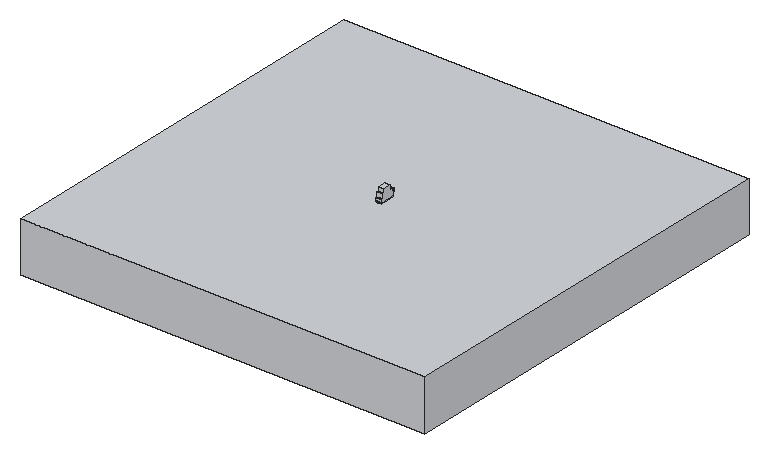
Revit family "Gira_5500000", category Elektroinstallationen, Revit 2017
Family settings
  Basisbauteil = Fläche
  Beschriftungsausrichtung beibehalten = Nein
  Bemaßung runder Anschluss = Durchmesser verwenden
  Teiletyp = Normal
  Beim Laden mit Abzugskörper schneiden = Nein
  Gemeinsam genutzt = Nein
  Raumberechnungspunkt = Nein
Parameters (values of type "TKS-IP-Datenschnittst. Türko")
  Default Elevation = 1219.2 mm
  Vor Ort-/Handbedienung = no
  URL = "https://www.gira.de/"
  Typname = "TKS-IP-Datenschnittst. Türko"
  Type Comments = ""
  Stromart = ""
  Schutzart (IP) = ""
  Produktseite = "https://media.stage.bim.site/t/eyJhbGciOiJIUzI1NiIsInR5cCI6IkpXVCJ9.eyJjdCI6MiwidHUiOiJodHRwOi8va2F0YWxvZy5naXJhLmRlL2RlX0RFL2RhdGVuYmxhdHQuaHRtbD9hcnRpa2VsbnI9NTUwMDAwMCIsImNpZCI6IjMyNzdjYzIzLTgxYTktNGVlMy1hOTBhLWI0N2JiNGMwYjYxNiIsInJpZCI6IjI1OGVlNGI0Mzc0MjgzZWU4ODNjMjY3MzhhZjNkYmIwIiwicGlkIjoiMjViMzFhNjBiMDhiMzVjNjFkNTAzYWZiYzZiYjI0ZTU4OGJjNjE2MyIsInNpZCI6IjYzNDcwIiwidXQiOjEsImxjIjoiZGUiLCJpYXQiOjE2MDA5MzkzNzcsImlzcyI6Imh0dHBzOi8vYXBpLmxpdmUuYmltLnNpdGUiLCJzdWIiOiJhZG1pbkBiaW1zaXRlLmRldiJ9.x-IJCete_HlsfOcJnkySshn5zpi5BzK-gzeQwotNEwU"
  Montageart = "DIN-Schiene"
  Model = ""
  Mit LED-Anzeige = no
  Mit Busankopplung = no
  Max. Schaltleistung [Voltampere] = 0
  Max. Anzahl der Jalousieausgänge = 0
  Kosten = 0
  Installationstechnik = "2-Draht"
  Hersteller = "Gira"
  HeinzeBIM = "https://www.heinze.de/bim/tks-ip-datenschnittst-tuerko/25b31a60b08b35c61d503afbc6bb24e588bc6163"
  HAN = "5500000"
  GTIN = "4010337052685"
  Funktion Schalten = no
  Funktion = "steuern/regeln"
  Datenblatt 1 = "https://media.stage.bim.site/t/eyJhbGciOiJIUzI1NiIsInR5cCI6IkpXVCJ9.eyJjdCI6MSwidGYiOiJwdWJsaWMvZ2lyYS9hZThjNTU3LzU1MDAwMDAudHh0IiwiY2lkIjoiMzI3N2NjMjMtODFhOS00ZWUzLWE5MGEtYjQ3YmI0YzBiNjE2IiwicmlkIjoiMjU4ZWU0YjQzNzQyODNlZTg4M2MyNjczOGFmM2RiYjAiLCJwaWQiOiIyNWIzMWE2MGIwOGIzNWM2MWQ1MDNhZmJjNmJiMjRlNTg4YmM2MTYzIiwic2lkIjoiNjM0NzAiLCJ1dCI6MSwibGMiOiJkZSIsImlhdCI6MTYwMDkzOTM3NywiaXNzIjoiaHR0cHM6Ly9hcGkubGl2ZS5iaW0uc2l0ZSIsInN1YiI6ImFkbWluQGJpbXNpdGUuZGV2In0.oBE5slPtctE_4SGvuGNXLpkS2bKVJSBsgRba7MSd8-k/5500000.txt"
  Datenblatt = "https://media.stage.bim.site/t/eyJhbGciOiJIUzI1NiIsInR5cCI6IkpXVCJ9.eyJjdCI6MSwidHUiOiJodHRwczovL2thdGFsb2cuZ2lyYS5kZS9kZV9ERS9kb3dubG9hZC5odG1sP2FydGlrZWxucj01NTAwMDAwIiwiY2lkIjoiMzI3N2NjMjMtODFhOS00ZWUzLWE5MGEtYjQ3YmI0YzBiNjE2IiwicmlkIjoiMjU4ZWU0YjQzNzQyODNlZTg4M2MyNjczOGFmM2RiYjAiLCJwaWQiOiIyNWIzMWE2MGIwOGIzNWM2MWQ1MDNhZmJjNmJiMjRlNTg4YmM2MTYzIiwic2lkIjoiNjM0NzAiLCJ1dCI6MSwibGMiOiJkZSIsImlhdCI6MTYwMDkzOTM3NywiaXNzIjoiaHR0cHM6Ly9hcGkubGl2ZS5iaW0uc2l0ZSIsInN1YiI6ImFkbWluQGJpbXNpdGUuZGV2In0.RwlbDGN1l1qhxas1j3HrpXTJAd6QT2oktVzHyUSIfG0"
  Bussystem Powernet = no
  Bussystem LON = no
  Bussystem KNX-Funk = no
  Bussystem KNX = no
  Bussystem Funkbus = no
  Breite in Teilungseinheiten = 2
  Beschreibung = "TKS-IP-Datenschnittstelle   Merkmale:  Die Datenschnittstelle dient dazu, die derzeitige Pushbutton-Inbetriebnahme um eine komfortable Inbetriebnahme mittels PC Laptop zu erweitern und den 2-Draht-Bus an IP anzubinden.  Projektierung über Gira Projekt Assistent (GPA).  Inbetriebnahme großer Projekte.  Auslesen der Projektierungsdaten von Bestandsanlagen.  Anbindung Gira 2-Draht-Bus an IP.  Nur für den Gebrauch im Innenbereich geeignet."
  Assembly Code = ""
  Keynote = ""
  BIMSITE_PRODUCT_ID = "25b31a60b08b35c61d503afbc6bb24e588bc6163"
  BIM = "https://media.stage.bim.site/t/eyJhbGciOiJIUzI1NiIsInR5cCI6IkpXVCJ9.eyJjdCI6MSwidGYiOiJwdWJsaWMvZ2lyYS9hZThjNTU3L0dpcmEgWDEgUkVHIEtOWC5yZmEiLCJjaWQiOiIzMjc3Y2MyMy04MWE5LTRlZTMtYTkwYS1iNDdiYjRjMGI2MTYiLCJyaWQiOiIyNThlZTRiNDM3NDI4M2VlODgzYzI2NzM4YWYzZGJiMCIsInBpZCI6IjI1YjMxYTYwYjA4YjM1YzYxZDUwM2FmYmM2YmIyNGU1ODhiYzYxNjMiLCJzaWQiOiI2MzQ3MCIsInV0Ijo1LCJsYyI6ImRlIiwiaWF0IjoxNjAwOTM5Mzc3LCJpc3MiOiJodHRwczovL2FwaS5saXZlLmJpbS5zaXRlIiwic3ViIjoiYWRtaW5AYmltc2l0ZS5kZXYifQ.v-SKbXGbjpmgSTrgF2ztYiu413wgm5yx7vdRO0bRJQQ/Gira X1 REG KNX.rfa"
  Anzahl der Eingänge = 0
  Andere Bussysteme = ""
Reference planes
  plane 1 "Center (Front/Back)": y = 0
  plane 2: z = 0
  plane 3 "Center (Left/Right)": x = 0
Forms (mm)
  Extrusion 1, solid
    sketch origin (0, 0, 0) x (1, 0, 0) y (0, 1, 0)
      loop
        line (-1219.2, 1219.2) -> (-1219.2, -1219.2) -> (1219.2, -1219.2) -> (1219.2, 1219.2) -> (-1219.2, 1219.2)
    from 0 to -304.8
  Extrusion 2, solid, detail levels fine
    sketch origin (0, -0.2, 0) x (0, 1, 0) y (0, 0, 1)
      loop
        line (22.65, 43.82) -> (22.65, 68.77) -> (-22.25, 68.77) -> (-22.25, 43.82) -> (-30.4, 43.82) -> (-30.4, 19.42) -> (-44.8, 19.42) -> (-44.8, 1.97) -> (45.192, 1.97) -> (45.192, 28.47) -> (32.925, 28.47) -> (32.831, 39.259) -> (31.225, 41.242) -> (31.225, 43.82) -> (22.65, 43.82)
    from -17.95 to 17.95
  Extrusion 3, solid, detail levels fine
    sketch origin (0, -0.2, 0) x (0, 1, 0) y (0, 0, 1)
      loop
        line (45.192, 43.82) -> (31.225, 43.82) -> (31.225, 41.242) -> (32.831, 39.259) -> (32.925, 28.47) -> (45.192, 28.47) -> (45.192, 43.82)
    from -17.95 to -15.8
  Extrusion 4, solid, detail levels fine
    sketch origin (0, -0.2, 0) x (0, 1, 0) y (0, 0, -1)
      loop
        line (45.192, -43.82) -> (45.192, -28.47) -> (32.925, -28.47) -> (32.831, -39.259) -> (31.225, -41.242) -> (31.225, -43.82) -> (45.192, -43.82)
    from -17.95 to -15.8
  Extrusion 5, solid, detail levels fine
    sketch origin (0, -0.2, 0) x (0, 1, 0) y (0, 0, 1)
      loop
        line (31.5, 42.848) -> (31.5, 40.412)
        arc (31.5, 40.412) -> (38.359, 39.512) -> (45.192, 38.435) r 267
        line (45.192, 38.435) -> (45.192, 14.255)
        arc (45.192, 14.255) -> (50.205, 15.189) -> (55.2, 16.219) r 264.9
        line (55.2, 16.219) -> (55.2, 38.933)
        arc (55.2, 38.933) -> (43.394, 41.159) -> (31.5, 42.848) r 265
    from -15.506 to 15.5
  Extrusion 6, solid, detail levels fine
    sketch origin (0, -0.2, 0) x (0, 1, 0) y (0, 0, 1)
      loop
        line (45.2, 1.5) -> (17.774, 1.5) -> (17.905, -6.017)
        arc (17.905, -6.017) -> (20.285, -6.454) -> (22.7, -6.6) r 20
        arc (22.7, -6.6) -> (33.985, -5.009) -> (45.128, -2.618) r 160
        line (45.128, -2.618) -> (45.2, 1.5)
    from -17.95 to 18
  Extrusion 7, solid, detail levels fine
    sketch origin (0, -0.2, 0) x (0, 1, 0) y (0, 0, 1)
      loop
        line (17.905, -6.017) -> (17.824, -1.4) -> (16.8, -1.4) -> (14.749, -4.952)
        arc (14.749, -4.952) -> (16.305, -5.55) -> (17.905, -6.017) r 20
    from -17.95 to -13
  Extrusion 8, solid, detail levels fine
    sketch origin (0, -0.2, 0) x (0, 1, 0) y (0, 0, -1)
      loop
        arc (17.905, 6.017) -> (16.305, 5.55) -> (14.749, 4.952) r 20
        line (14.749, 4.952) -> (16.8, 1.4) -> (17.824, 1.4) -> (17.905, 6.017)
    from -17.95 to -13
  Extrusion 9, solid, detail levels fine
    sketch origin (0, -0.2, 0) x (0, 1, 0) y (0, 0, 1)
      loop
        line (17.8, 0) -> (17.774, 1.5) -> (-44.8, 1.5) -> (-44.774, 0) -> (17.8, 0)
    from -17.95 to 17.95
  Extrusion 10, solid, detail levels fine
    sketch origin (0, 0, 0) x (0, 1, 0) y (0, 0, 1)
      loop
        line (-48.916, -3.317) -> (-44.906, -3.881) -> (-44.974, 0) -> (-48.916, 0) -> (-48.916, -3.317)
    from -4.803 to 4.797
  Extrusion 11, solid, detail levels fine
    sketch origin (0, 0, 0) x (0, 1, 0) y (0, 0, 1)
      loop
        arc (-22.5, -6.6) -> (-20.811, -6.529) -> (-19.134, -6.315) r 20
        line (-19.134, -6.315) -> (-18.029, -3.279) -> (-18, 0) -> (-44.974, 0) -> (-44.928, -2.618)
        arc (-44.928, -2.618) -> (-33.785, -5.009) -> (-22.5, -6.6) r 160
    from -17.95 to -10.5
  Extrusion 12, solid, detail levels fine
    sketch origin (0, 0, 0) x (0, 1, 0) y (0, 0, -1)
      loop
        arc (-22.5, 6.6) -> (-33.785, 5.009) -> (-44.928, 2.618) r 160
        line (-44.928, 2.618) -> (-44.974, 0) -> (-18, 0) -> (-18.029, 3.279) -> (-19.134, 6.315)
        arc (-19.134, 6.315) -> (-20.811, 6.529) -> (-22.5, 6.6) r 20
    from -17.95 to -10.5
  Extrusion 13, solid, detail levels fine
    sketch origin (0, 0, 0) x (0, 1, 0) y (0, 0, 1)
      loop
        line (-30.708, -6.6) -> (-30.65, 0) -> (-44.974, 0) -> (-44.859, -6.6) -> (-30.708, -6.6)
    from -10.5 to 10.5
  Extrusion 14, solid, detail levels fine
    sketch origin (0, 0, 0) x (1, 0, 0) y (0, 1, 0)
      loop
        circle (-0.003, -20.023) r 1
    from -7.682 to 0
  Extrusion 15, solid, detail levels fine
    sketch origin (0, 0, 0) x (0, 1, 0) y (0, 0, 1)
      loop
        line (-17.523, -0.8) -> (-17.523, 0) -> (-30.65, 0) -> (-30.684, -3.9) -> (-27.106, -3.9) -> (-27.106, -5.6) -> (-19.623, -6.6) -> (-18.03, -6.6) -> (-15.023, -2.682) -> (-15.023, -1.517) -> (-17.523, -0.8)
    from -4.503 to 4.5
  Extrusion 16, solid, detail levels fine
    sketch origin (0, 0, 0) x (1, 0, 0) y (0, 1, 0)
      loop
        line (16.859, 43.848) -> (-16.859, 43.848) -> (-16.859, -43.859) -> (16.859, -43.859) -> (16.859, 43.848)
    from 1.5 to 4
  Extrusion 17, solid, detail levels medium
    sketch origin (0, 0, 0) x (0, 1, 0) y (0, 0, 1)
      loop
        line (22.45, 68.77) -> (-22.45, 68.77) -> (-22.45, 43.82) -> (-30.6, 43.82) -> (-30.6, 19.42) -> (-45, 19.42) -> (-45, 0) -> (-48.916, 0) -> (-48.916, -6.6) -> (-15.023, -6.6) -> (-15.023, 0) -> (14.549, 0) -> (14.549, -6.6) -> (44.992, -6.6) -> (44.992, 14.255)
        arc (44.992, 14.255) -> (50.005, 15.189) -> (55, 16.219) r 264.9
        line (55, 16.219) -> (55, 38.933)
        arc (55, 38.933) -> (50.005, 39.943) -> (44.992, 40.856) r 265
        line (44.992, 40.856) -> (44.992, 43.82) -> (22.45, 43.82) -> (22.45, 68.77)
    from -17.95 to 17.95
  Extrusion 18, solid, detail levels coarse
    sketch origin (0, 0, 0) x (1, 0, 0) y (0, 1, 0)
      loop
        line (-17.95, 55) -> (-17.95, -48.916) -> (17.95, -48.916) -> (17.95, 55) -> (-17.95, 55)
    from -7.682 to 68.77
Dimensions and locks
  aligned and locked: plane 2 to Extrusion 1
  aligned and locked: level to Extrusion 1
Connectors
  electrical at (0, -13.687, 0)
    settings: on Extrusion 9, index 1, voltage 24 V, apparent load 0 VA, apparent load phase1 0 VA, apparent load phase2 0 VA, apparent load phase3 0 VA, power factor 1, load classification "Other", number of poles 1, system type 30, power factor state 1, is connector primary yes, connector utility no, sub classification motor no, connector description ""
